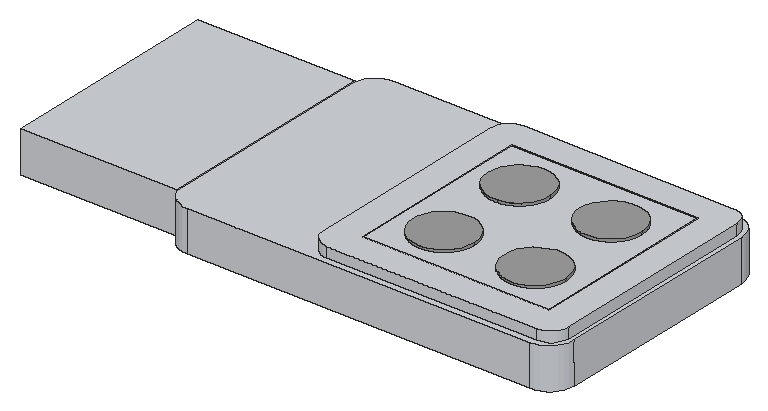
Revit family "Lighting-Industriale-GEWISS-SMART[4]HE_APPARECCHI-LED_EMERGENZA_1M", category Apparecchi per illuminazione, Revit 2019 (continued)
Definition of nested family "Rappr_ bidimensionale_SMART4_4L EM_2"
  Lines and regions (mm)
    detail lines, in view "Livello rif.", not visible, detail levels fine
      curve 355: line (150.671, 55.571, 0) -> (161.247, 55.571, 0)
      curve 356: line (161.247, 30.611, 0) -> (150.671, 30.611, 0)
      curve 357: line (149.479, 31.803, 0) -> (149.479, 39.88, 0)
      curve 358: line (150.671, 41.071, 0) -> (161.247, 41.071, 0)
      curve 359: line (161.243, 16.111, 0) -> (150.671, 16.111, 0)
      curve 360: line (149.479, 17.303, 0) -> (149.479, 25.38, 0)
      curve 361: line (150.671, 26.571, 0) -> (161.243, 26.571, 0)
      curve 362: line (161.243, 1.611, 0) -> (150.671, 1.611, 0)
      curve 363: line (149.479, 2.803, 0) -> (149.479, 10.88, 0)
      curve 364: line (150.671, 12.071, 0) -> (161.243, 12.071, 0)
      curve 365: line (149.479, -11.697, 0) -> (149.479, -3.62, 0)
      curve 366: line (150.671, -2.429, 0) -> (161.243, -2.429, 0)
      curve 367: line (161.243, -12.889, 0) -> (150.671, -12.889, 0)
      curve 368: line (149.479, -26.197, 0) -> (149.479, -18.12, 0)
      curve 369: line (150.671, -16.929, 0) -> (161.247, -16.929, 0)
      curve 370: line (161.247, -27.389, 0) -> (150.671, -27.389, 0)
      curve 371: line (149.479, -40.697, 0) -> (149.479, -32.62, 0)
      curve 372: line (150.671, -31.429, 0) -> (161.247, -31.429, 0)
      curve 373: line (161.247, -41.889, 0) -> (150.671, -41.889, 0)
      curve 374: line (149.479, -55.197, 0) -> (149.479, -47.12, 0)
      curve 375: line (150.671, -45.929, 0) -> (161.247, -45.929, 0)
      curve 376: line (161.247, -56.389, 0) -> (150.671, -56.389, 0)
      curve 377: line (149.479, -69.697, 0) -> (149.479, -61.62, 0)
      curve 378: line (150.671, -60.429, 0) -> (161.247, -60.429, 0)
      curve 379: line (161.247, -70.889, 0) -> (150.671, -70.889, 0)
      curve 380: line (149.479, -84.197, 0) -> (149.479, -76.12, 0)
      curve 381: line (150.671, -74.929, 0) -> (161.247, -74.929, 0)
      curve 382: line (161.247, -85.389, 0) -> (150.671, -85.389, 0)
    detail lines, in view "Livello rif.", visible <- "5 LED"
      curve 383: circle (55.802, 1.404, 0) r 28.619 normal (0, 0, 1)
    detail lines, in view "Livello rif.", visible <- "4 LED"
      curve 384: circle (8.459, 48.062, 0) r 28.619 normal (0, 0, 1)
      curve 385: circle (102.459, -45.938, 0) r 28.619 normal (0, 0, 1)
      curve 386: circle (8.459, -45.938, 0) r 28.619 normal (0, 0, 1)
      curve 387: circle (102.459, 48.062, 0) r 28.619 normal (0, 0, 1)
    detail lines, in view "Livello rif."
      curve 388: line (-201.331, -106.996, 0) -> (-394.312, -106.996, 0)
      curve 389: line (-201.331, 106.996, 0) -> (-201.331, -106.996, 0)
      curve 390: line (-394.312, 106.996, 0) -> (-201.331, 106.996, 0)
      curve 391: line (-394.312, -106.996, 0) -> (-394.312, 106.996, 0)
Definition of nested family "ETICHETTA LIGHT"
  Parameters (values of type "ETICHETTA LIGHT")
    COMMENTI = "53W"
  Reference planes
    plane 1: y = 0
    plane 2: x = 0
  Text (mm)
    label "COMMENTI" at (-0.057, 0.105, 0), shows "COMMENTI"
Definition of nested family "PROIETTSMART "
  Reference planes
    plane 1 "Centro (Fronte/Retro)": y = 0
    plane 2: z = 0
    plane 3 "Centro (Sinistra/Destra)": x = 0
  Lines and regions (mm)
    model lines, in view "Livello rif."
      curve 1: line (120.593, -21.515, 0) -> (77.393, -0.008, 0)
      curve 2: line (77.393, -0.008, 0) -> (120.593, 21.758, 0)
      curve 3: line (120.593, 21.758, 0) -> (120.593, -21.515, 0)
      curve 4: line (77.393, 21.629, 0) -> (77.393, -21.645, 0)
      curve 5: line (77.393, -0.008, 0) -> (52.133, -0.008, 0)
      curve 6: line (120.593, 0.122, 0) -> (139.246, 0.122, 0)
      curve 7: line (162.162, 66.747, 0) -> (162.162, -66.747, 0)
      curve 8: line (162.162, -66.747, 0) -> (-97.838, -66.747, 0)
      curve 9: line (-97.838, -66.747, 0) -> (-97.838, 66.747, 0)
      curve 10: line (-97.838, 66.747, 0) -> (162.162, 66.747, 0)
      curve 11: line (45.772, 49.667, 0) -> (145.121, 49.667, 0)
      curve 12: line (145.121, 49.667, 0) -> (145.121, -49.683, 0)
      curve 13: line (145.121, -49.683, 0) -> (45.772, -49.683, 0)
      curve 14: line (45.772, -49.683, 0) -> (45.772, 49.667, 0)
Types (18, lengths in mm): name | Temperatura di colore | Scheda Tecnica | Ottica | Modello | IDT | Gruppo ottico | Flusso luminoso apparecchio (lm) | Efficienza luminosa (lm/W) | Descrizione | Controllo abbagliamento e luminanza
  GWS4124AF830 - SMART4LB 1M EMERG 30° 30K | "3000K" | "https://www.gewiss.com/it/it/search?q=GWS4124AF830" | "30°" | "GWS4124AF830" | "be493966ca7f4462a90a0dec3d538a8d" | "Riflettore in PC metallizzato e lenti in PMMA" | "6600 (810 Emerg.)" | "125" | "SMART[4]LB 1M EMERG 30° 30K" | "UGR - 22"
  GWS4124AF840 - SMART4LB 1M EMERG 30° 40K | "4000K" | "https://www.gewiss.com/it/it/search?q=GWS4124AF840" | "30°" | "GWS4124AF840" | "5f1ff95e72114f50881495fc0694481d" | "Riflettore in PC metallizzato e lenti in PMMA" | "7000 (850 Emerg.)" | "132" | "SMART[4]LB 1M EMERG 30° 40K" | "UGR - 22"
  GWS4124AF857 - SMART4LB 1M EMERG 30° 57K | "5700K" | "https://www.gewiss.com/it/it/search?q=GWS4124AF857" | "30°" | "GWS4124AF857" | "0e8181d1a68a4ca794b6a0e858ae3857" | "Riflettore in PC metallizzato e lenti in PMMA" | "7000 (850 Emerg.)" | "132" | "SMART[4]LB 1M EMERG 30° 57K" | "UGR - 22"
  GWS4124AH830 - SMART4LB 1M EMERG 60° 30K | "3000K" | "https://www.gewiss.com/it/it/search?q=GWS4124AH830" | "60°" | "GWS4124AH830" | "54ebdcb74ae440318ac48feecd36d76a" | "Riflettore in PC metallizzato e lenti in PMMA" | "6700 (810 Emerg.)" | "126" | "SMART[4]LB 1M EMERG 60° 30K" | "UGR - 22"
  GWS4124AH840 - SMART4LB 1M EMERG 60° 40K | "4000K" | "https://www.gewiss.com/it/it/search?q=GWS4124AH840" | "60°" | "GWS4124AH840" | "614c65e5e2b44fb083715acc21c5c34f" | "Riflettore in PC metallizzato e lenti in PMMA" | "7000 (850 Emerg.)" | "132" | "SMART[4]LB 1M EMERG 60° 40K" | "UGR - 22"
  GWS4124AH857 - SMART4LB 1M EMERG 60° 57K | "5700K" | "https://www.gewiss.com/it/it/search?q=GWS4124AH857" | "60°" | "GWS4124AH857" | "28ee9035e2fe4d268d0277638ca70a0c" | "Riflettore in PC metallizzato e lenti in PMMA" | "7000 (850 Emerg.)" | "132" | "SMART[4]LB 1M EMERG 60° 57K" | "UGR - 22"
  GWS4124AP830 - SMART4LB 1M EMERG 90° 30K | "3000K" | "https://www.gewiss.com/it/it/search?q=GWS4124AP830" | "90°" | "GWS4124AP830" | "da7b066e252b432daf66f2ff73ed9078" | "Riflettore in PC metallizzato e lenti in PMMA" | "6800 (810 Emerg.)" | "128" | "SMART[4]LB 1M EMERG 90° 30K" | "UGR - 25"
  GWS4124AP840 - SMART4LB 1M EMERG 90° 40K | "4000K" | "https://www.gewiss.com/it/it/search?q=GWS4124AP840" | "90°" | "GWS4124AP840" | "8acb5237e4dc4b0ea63c41f460c1553e" | "Riflettore in PC metallizzato e lenti in PMMA" | "7200 (850 Emerg.)" | "136" | "SMART[4]LB 1M EMERG 90° 40K" | "UGR - 25"
  GWS4124AP857 - SMART4LB 1M EMERG 90° 57K | "5700K" | "https://www.gewiss.com/it/it/search?q=GWS4124AP857" | "90°" | "GWS4124AP857" | "dbb1e2787da74a29aa85cd39b451480a" | "Riflettore in PC metallizzato e lenti in PMMA" | "7200 (850 Emerg.)" | "136" | "SMART[4]LB 1M EMERG 90° 57K" | "UGR - 25"
  GWS4124AA830 - SMART4LB 1M EMERG ARR.30K | "3000K" | "https://www.gewiss.com/it/it/search?q=GWS4124AA830" | "Array" | "GWS4124AA830" | "1930eb876eb04997a6d49bc4881cca22" | "Riflettore in PC metallizzato" | "6700 (810 Emerg.)" | "126" | "SMART[4]LB 1M EMERG ARR.30K" | "-"
  GWS4124AA840 - SMART4LB 1M EMERG ARR.40K | "4000K" | "https://www.gewiss.com/it/it/search?q=GWS4124AA840" | "Array" | "GWS4124AA840" | "50dce6d2c43e4d969f09685ce4a7aed2" | "Riflettore in PC metallizzato" | "7100 (850 Emerg.)" | "134" | "SMART[4]LB 1M EMERG ARR.40K" | "-"
  GWS4124AA857 - SMART4LB 1M EMERG ARR.57K | "5700K" | "https://www.gewiss.com/it/it/search?q=GWS4124AA857" | "Array" | "GWS4124AA857" | "06bde70520e64d0eb4f29c283382ffe7" | "Riflettore in PC metallizzato" | "7100 (850 Emerg.)" | "134" | "SMART[4]LB 1M EMERG ARR.57K" | "-"
  GWS4124AC830 - SMART4LB 1M EMERG ASI.30K | "3000K" | "https://www.gewiss.com/it/it/search?q=GWS4124AC830" | "Asimmetrica" | "GWS4124AC830" | "2fbf624b3a0f489f8964acc3b1894105" | "Riflettore in PC metallizzato e lenti in PMMA" | "6000 (710 Emerg.)" | "113" | "SMART[4]LB 1M EMERG ASI.30K" | "-"
  GWS4124AC840 - SMART4LB 1M EMERG ASI.40K | "4000K" | "https://www.gewiss.com/it/it/search?q=GWS4124AC840" | "Asimmetrica" | "GWS4124AC840" | "26da255d513c446fabb363757969a458" | "Riflettore in PC metallizzato e lenti in PMMA" | "6300 (750 Emerg.)" | "119" | "SMART[4]LB 1M EMERG ASI.40K" | "-"
  GWS4124AC857 - SMART4LB 1M EMERG ASI.57K | "5700K" | "https://www.gewiss.com/it/it/search?q=GWS4124AC857" | "Asimmetrica" | "GWS4124AC857" | "3231ca11b6524f64b1d66089a5ef67e7" | "Riflettore in PC metallizzato e lenti in PMMA" | "6300 (750 Emerg.)" | "119" | "SMART[4]LB 1M EMERG ASI.57K" | "-"
  GWS4124AQ830 - SMART4LB 1M EMERG ELL.30K | "3000K" | "https://www.gewiss.com/it/it/search?q=GWS4124AQ830" | "Ellittica" | "GWS4124AQ830" | "e89b934372d542aa9a896e87d65f1754" | "Riflettore in PC metallizzato e lenti in PMMA" | "6000 (710 Emerg.)" | "113" | "SMART[4]LB 1M EMERG ELL.30K" | "-"
  GWS4124AQ840 - SMART4LB 1M EMERG ELL.40K | "4000K" | "https://www.gewiss.com/it/it/search?q=GWS4124AQ840" | "Ellittica" | "GWS4124AQ840" | "73416617d9c74cf9ba72ca2df738524a" | "Riflettore in PC metallizzato e lenti in PMMA" | "6300 (750 Emerg.)" | "119" | "SMART[4]LB 1M EMERG ELL.40K" | "-"
  GWS4124AQ857 - SMART4LB 1M EMERG ELL.57K | "5700K" | "https://www.gewiss.com/it/it/search?q=GWS4124AQ857" | "Ellittica" | "GWS4124AQ857" | "99cc2ba6225c472dbcbc7a8f8b209142" | "Riflettore in PC metallizzato e lenti in PMMA" | "6300 (750 Emerg.)" | "119" | "SMART[4]LB 1M EMERG ELL.57K" | "-"
